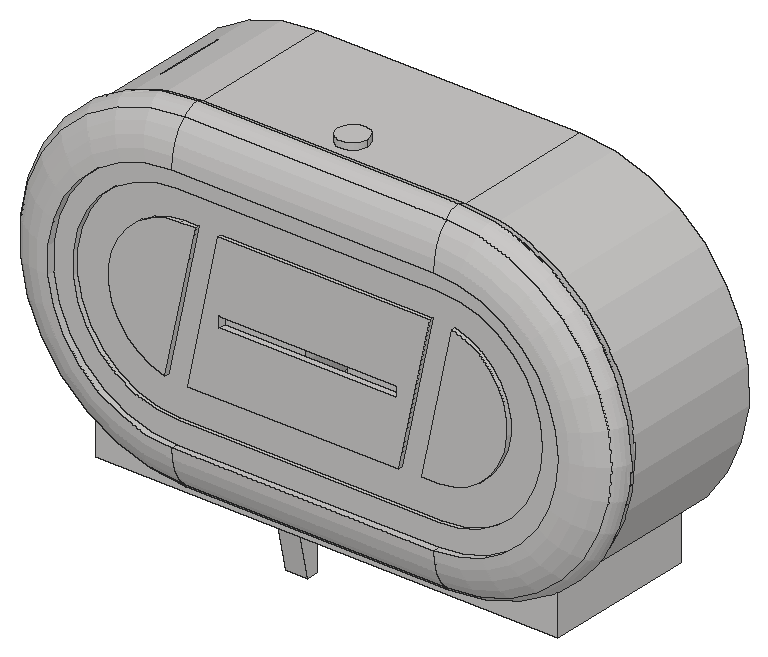
Revit family "rba-bim-B2892", category Specialty Equipment, Revit 2018
Family settings
  Round Connector Dimension = Use Diameter
  Part Type = Normal
  OmniClass Number = 23.40.20.21
  OmniClass Title = Toilet and Bath Specialties
  Work Plane-Based = Yes
  Always vertical = No
  Cut with Voids When Loaded = No
  Shared = Yes
  Room Calculation Point = No
Parameters (values of type "B-2892")
  offset [instance] = 0 mm
  Warranty Duration (Years) = 0
  Unit Width = 512.762 mm
  Unit Height = 288.925 mm
  Unit Depth = 150.812 mm
  URL = "www.rba.com"
  Specification = ""
  SpecWizard = ""
  Send Message = "http://www.arcat.com/users.pl?action=UserEmail&company=Bobrick+Washroom+Equipment,+Inc.&coid=30988&rep=156&fax=818-503-1930&mf="
  Sales Information = "http://www.bobrick.com/Pages/ContactUs.aspx"
  Revision = "R1_10-2012"
  Product Properties = ""
  Product Data = "http://arcat.com/arcatcos/cos30/arc30988.html?isac=1&r=1"
  Modified Issue = "20200930.01"
  Model = "B2892"
  Materials and Finishes = Stainless Steel Satin Finish
  Manufacturer Website = "http://www.bobrick.com/Pages/default.aspx"
  Manufacturer Phone - Toll Free = ""
  Manufacturer Phone = "818-764-1000"
  Manufacturer Fax = "818-503-1930"
  Manufacturer Address = "11611 Hart St. North Hollywood, CA 91605-5882"
  Manufacturer = "Bobrick Washroom Equipment, Inc."
  Maintenance Schedule (Months) = 0
  Keynote = "102813"
  Installation-Fabrication = "http://www.bobrick.com/washroomaccessories/Pages/WashroomAccessories.aspx"
  Installation Phase = ""
  Green Building-LEED = ""
  Expected Lifespan (Years) = 0
  Drawn By = "Sumex Design, Inc. / Robert S. Weygant, CSI, CDT, SCIP"
  Description = "Jumbo Twin Toilet Roll Holder"
  Default Elevation = 1219.2 mm
  Copyright by = "RBA Group"  # constant formula
  Copyright = "©Arcat Inc."
  Construction Details = ""
  Capacity = "Two Toilet Tissue Rolls, 10\" Diameter either 3\" Core or 2-1/4\" Core"
  Assembly Code = "E1090900"
Reference planes
  plane 1 "Center (Front/Back)": y = 0
  plane 2 "Bottom": z = 0
  plane 3 "Center (Left/Right)": x = 0
  plane 4 "Front": z = 9.861
  plane 5 "Back": z = 298.786
  plane 6 "Left": x = -256.381
  plane 7 "Right": x = 256.381
  plane 8 "Top": y = -150.813
Forms (mm)
  Extrusion 1, solid, material "Stainless Steel Satin Finish" <- "Materials and Finishes"
    sketch origin (0, 0, 154.324) x (1, 0, 0) y (0, 0, 1)
      loop
        arc (-111.919, 144.462) -> (-256.381, 0) -> (-111.919, -144.463) r 144.463
        line (-111.919, -144.463) -> (111.919, -144.463)
        arc (111.919, -144.463) -> (256.381, 0) -> (111.919, 144.463) r 144.463
        line (111.919, 144.463) -> (-111.919, 144.462)
      loop
        arc (-111.919, 138.112) -> (-250.031, 0) -> (-111.919, -138.113) r 138.113
        line (-111.919, -138.113) -> (111.919, -138.113)
        arc (111.919, -138.113) -> (250.031, 0) -> (111.919, 138.112) r 138.113
        line (111.919, 138.112) -> (-111.919, 138.112)
    from 0 to 122.237
  Extrusion 2, solid, material "Stainless Steel Satin Finish" <- "Materials and Finishes"
    sketch origin (0, 0, 154.324) x (1, 0, 0) y (0, 0, 1)
      loop
        arc (-111.919, 106.363) -> (-218.281, 0) -> (-111.919, -106.362) r 106.362
        line (-111.919, -106.362) -> (111.919, -106.363)
        arc (111.919, -106.363) -> (218.281, 0) -> (111.919, 106.363) r 106.362
        line (111.919, 106.363) -> (-111.919, 106.363)
      loop
        line (-76.2, 4.762) -> (-76.2, -4.763) -> (76.2, -4.763) -> (76.2, 4.762) -> (-76.2, 4.762)
    from 144.462 to 150.813
  Extrusion 3, solid, material "Stainless Steel Satin Finish" <- "Materials and Finishes"
    sketch origin (0, 0, 154.324) x (1, 0, 0) y (0, 0, 1)
      loop
        arc (-111.919, 144.462) -> (-256.381, 0) -> (-111.919, -144.463) r 144.463
        line (-111.919, -144.463) -> (111.919, -144.463)
        arc (111.919, -144.463) -> (256.381, 0) -> (111.919, 144.463) r 144.463
        line (111.919, 144.463) -> (-111.919, 144.462)
    from 0 to 6.35
  Extrusion 4, solid, material "Stainless Steel Satin Finish" <- "Materials and Finishes"
    sketch origin (0, 0, 154.324) x (1, 0, 0) y (0, 0, 1)
      loop
        circle (-111.919, 0) r 95.25
      loop
        circle (-111.919, 0) r 25.4
      loop
        circle (111.919, 0) r 95.25
      loop
        circle (111.919, 0) r 25.4
    from 6.35 to 130.69
  Extrusion 5, solid, material "Stainless Steel Satin Finish" <- "Materials and Finishes"
    sketch origin (0, 0, 154.324) x (1, 0, 0) y (0, 0, 1)
      loop
        line (-197.718, -154.324) -> (197.718, -154.324) -> (197.718, -116.224)
        arc (197.718, -116.224) -> (157.082, -137.221) -> (111.919, -144.463) r 144.463
        line (111.919, -144.463) -> (-111.919, -144.463)
        arc (-111.919, -144.463) -> (-157.082, -137.221) -> (-197.718, -116.224) r 144.463
        line (-197.718, -116.224) -> (-197.718, -154.324)
    from 0 to 130.69
  Extrusion 6, solid, material "Stainless Steel Satin Finish" <- "Materials and Finishes"
    sketch origin (-44.45, 0, 154.324) x (0, 0, 1) y (0, -1, 0)
      loop
        line (-154.324, 109.369) -> (-154.324, 127.859) -> (-192.424, 119.062) -> (-192.424, 109.369) -> (-154.324, 109.369)
    from 0 to 19.05
  Extrusion 7, solid, material "Stainless Steel Satin Finish" <- "Materials and Finishes"
    sketch origin (-303.332, -1219.2, 298.786) x (-1, 0, 0) y (0, -1, 0)
      loop
        circle (-303.332, -1116.225) r 12.7
    from 0 to 5.58
  Extrusion 8, void
    sketch origin (0, 0, 154.324) x (1, 0, 0) y (0, 0, 1)
      loop
        line (-122.178, -57.235) -> (-96.203, 64.967) -> (-108.598, 64.967)
        arc (-108.598, 64.967) -> (-170.075, 9.943) -> (-122.178, -57.235) r 61.856
      loop
        line (122.934, 64.059) -> (97.021, -57.851) -> (112.398, -57.851)
        arc (112.398, -57.851) -> (170.224, -1.438) -> (122.934, 64.059) r 61.856
      loop
        line (-76.727, 64.967) -> (-103.021, -58.737) -> (77.357, -58.737) -> (103.652, 64.967) -> (-76.727, 64.967)
      loop
        arc (-111.889, 90.074) -> (-200.789, 1.174) -> (-111.889, -87.726) r 88.9
        line (-111.889, -87.726) -> (111.889, -87.726)
        arc (111.889, -87.726) -> (200.789, 1.174) -> (111.889, 90.074) r 88.9
        line (111.889, 90.074) -> (-111.889, 90.074)
    from 147.203 to 150.813
  Sweep 9, solid, material "Stainless Steel Satin Finish" <- "Materials and Finishes"
    path origin (0, 0, 154.324) x (1, 0, 0) y (0, 0, 1)
      loop
        arc (-111.919, 144.462) -> (-256.381, 0) -> (-111.919, -144.463) r 144.463
        line (-111.919, -144.463) -> (111.919, -144.463)
        arc (111.919, -144.463) -> (256.381, 0) -> (111.919, 144.462) r 144.463
        line (111.919, 144.462) -> (-111.919, 144.462)
    profile origin (-256.381, 0, 154.324) x (0, -1, 0) y (1, 0, 0)
      loop
        line (122.238, 0) -> (129.199, -2.693)
        arc (129.199, -2.693) -> (136.595, -1.011) -> (142.74, 3.435) r 18.963
        arc (142.74, 3.435) -> (152.755, 19.5) -> (156.256, 38.105) r 51.268
        line (156.256, 38.105) -> (140.047, 38.104)
        arc (140.047, 38.104) -> (137.651, 25.385) -> (130.804, 14.402) r 35.059
        arc (130.804, 14.402) -> (130.174, 13.892) -> (129.423, 13.588) r 2.753
        line (129.423, 13.588) -> (122.238, 6.35) -> (122.238, 0)
Cuts and joins
  Extrusion 8 cuts Extrusion 2
  Extrusion 8 cuts Extrusion 1
  Extrusion 8 cuts Extrusion 3
  Extrusion 8 cuts Extrusion 4
  Extrusion 8 cuts Extrusion 5
  joined: Extrusion 1, Extrusion 3, Extrusion 4, Extrusion 5, Extrusion 7, Sweep 9
Dimensions and locks
  equal spacing: plane 6 "Left", plane 3 "Center (Left/Right)", plane 7 "Right"
  "Unit Width": plane 6 "Left" to plane 7 "Right"
  Extrusion 5 sketch curve to Extrusion 5 sketch curve = 38.1 mm
  aligned and locked: Extrusion 7 to plane 5 "Back"
  aligned and locked: Extrusion 8 to plane 8 "Top"
Automatic sketch dimensions
  Extrusion 1 sketch curve to Extrusion 1 sketch curve = 0 mm  (x4)
  level to Extrusion 1 sketch curve = 154.324 mm
  Extrusion 1 sketch curve to plane 5 "Back" = 0 mm
  Extrusion 1 sketch curve to plane 3 "Center (Left/Right)" = 111.919 mm
  plane 3 "Center (Left/Right)" to Extrusion 1 sketch curve = 111.919 mm
  Extrusion 1 sketch curve to Extrusion 1 sketch curve = 6.35 mm
  level to Extrusion 2 sketch curve = 154.324 mm
  Extrusion 2 sketch curve to plane 3 "Center (Left/Right)" = 111.919 mm
  level to Extrusion 2 sketch curve = 159.086 mm
  Extrusion 2 sketch curve to Extrusion 2 sketch curve = 35.719 mm  (x2)
  level to Extrusion 2 sketch curve = 149.561 mm
  plane 3 "Center (Left/Right)" to Extrusion 2 sketch curve = 76.2 mm
  plane 4 "Front" to Extrusion 2 sketch curve = 38.1 mm
  level to Extrusion 3 sketch curve = 154.324 mm
  Extrusion 3 sketch curve to plane 5 "Back" = 0 mm
  Extrusion 3 sketch curve to plane 3 "Center (Left/Right)" = 111.919 mm
  plane 3 "Center (Left/Right)" to Extrusion 3 sketch curve = 111.919 mm
  Extrusion 4 sketch curve to Extrusion 4 sketch curve = 0 mm  (x4)
  level to Extrusion 4 sketch curve = 154.324 mm  (x2)
  Extrusion 4 sketch curve to plane 3 "Center (Left/Right)" = 111.919 mm
  plane 3 "Center (Left/Right)" to Extrusion 4 sketch curve = 111.919 mm
  Extrusion 5 sketch curve to plane 4 "Front" = 0 mm
  level to Extrusion 5 sketch curve = 154.324 mm  (x2)
  Extrusion 5 sketch curve to plane 4 "Front" = 9.861 mm
  plane 6 "Left" to Extrusion 5 sketch curve = 58.663 mm
  plane 3 "Center (Left/Right)" to Extrusion 5 sketch curve = 111.919 mm
  Extrusion 5 sketch curve to plane 7 "Right" = 58.663 mm
  Extrusion 6 sketch curve to plane 4 "Front" = 47.961 mm
  Extrusion 6 sketch curve to plane 4 "Front" = 9.861 mm
  Extrusion 6 sketch curve to plane 8 "Top" = 41.443 mm
  Extrusion 6 sketch curve to Extrusion 6 sketch curve = 9.693 mm
  Extrusion 6 sketch curve to Extrusion 6 sketch curve = 18.489 mm
  Extrusion 7 sketch curve to plane 3 "Center (Left/Right)" = 0 mm
  Extrusion 7 sketch curve to plane 8 "Top" = 47.838 mm
  level to Extrusion 8 sketch curve = 97.089 mm
  Extrusion 8 sketch curve to plane 3 "Center (Left/Right)" = 122.178 mm
  Extrusion 8 sketch curve to Extrusion 8 sketch curve = 10.289 mm
  Extrusion 8 sketch curve to Extrusion 8 sketch curve = 3.291 mm
  Extrusion 8 sketch curve to Extrusion 8 sketch curve = 19.156 mm
  Extrusion 8 sketch curve to Extrusion 8 sketch curve = 12.395 mm
  Extrusion 8 sketch curve to Extrusion 8 sketch curve = 19.476 mm
  plane 3 "Center (Left/Right)" to Extrusion 8 sketch curve = 77.357 mm
  Extrusion 8 sketch curve to Extrusion 8 sketch curve = 19.664 mm
  plane 3 "Center (Left/Right)" to Extrusion 8 sketch curve = 103.652 mm
  level to Extrusion 8 sketch curve = 158.211 mm
  Extrusion 8 sketch curve to Extrusion 8 sketch curve = 4.946 mm
  Extrusion 8 sketch curve to Extrusion 8 sketch curve = 14.868 mm
  Extrusion 8 sketch curve to Extrusion 8 sketch curve = 15.376 mm
  Extrusion 8 sketch curve to Extrusion 8 sketch curve = 19.283 mm
  level to Extrusion 8 sketch curve = 96.473 mm
  Extrusion 8 sketch curve to Extrusion 8 sketch curve = 0.886 mm
  Extrusion 8 sketch curve to Extrusion 8 sketch curve = 28.989 mm
  level to Extrusion 8 sketch curve = 155.498 mm
  level to Extrusion 8 sketch curve = 157.435 mm
  Extrusion 8 sketch curve to Extrusion 8 sketch curve = 0.908 mm
  level to Sweep 9 sketch curve = 154.324 mm
  Sweep 9 sketch curve to plane 5 "Back" = 0 mm
  Sweep 9 sketch curve to plane 3 "Center (Left/Right)" = 111.919 mm
  plane 3 "Center (Left/Right)" to Sweep 9 sketch curve = 111.919 mm
  Sweep 9 sketch curve to Sweep 9 sketch curve = 0 mm  (x4)
  Sweep 9 sketch curve to profile plane = 0 mm
  Sweep 9 sketch curve to profile plane = 38.122 mm
  profile plane to Sweep 9 sketch curve = 104.988 mm
  Sweep 9 sketch curve to profile plane = 6.35 mm
  Sweep 9 sketch curve to Sweep 9 sketch curve = 17.25 mm
  Sweep 9 sketch curve to Sweep 9 sketch curve = 6.539 mm
  profile plane to Sweep 9 sketch curve = 2.693 mm
  Sweep 9 sketch curve to Sweep 9 sketch curve = 6.962 mm
  Sweep 9 sketch curve to profile plane = 13.588 mm
  Sweep 9 sketch curve to Sweep 9 sketch curve = 0.646 mm
  Sweep 9 sketch curve to profile plane = 38.104 mm
  Sweep 9 sketch curve to Sweep 9 sketch curve = 11.271 mm
  Sweep 9 sketch curve to profile plane = 38.105 mm
  Sweep 9 sketch curve to Sweep 9 sketch curve = 16.209 mm
  Sweep 9 sketch curve to Sweep 9 sketch curve = 2.676 mm
  radius of Extrusion 4 sketch curve = 95.25 mm  (x2)
  radius of Extrusion 4 sketch curve = 25.4 mm  (x2)
  radius of Extrusion 7 sketch curve = 12.7 mm
